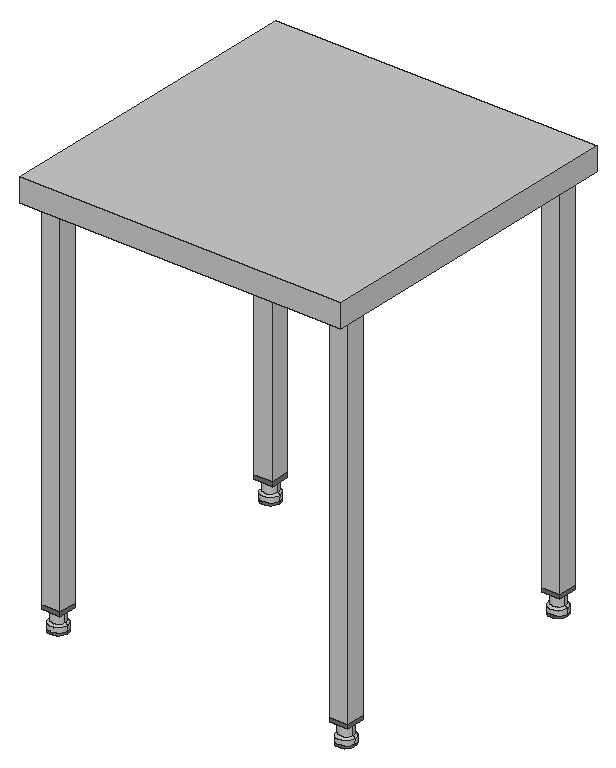
Revit family "QF_ELECTROLUXPROFESSIONAL_133216_TG700MBN", category Attrezzature speciali, Revit 2020
Family settings
  Quota connettore circolare = Usa diametro
  Tipo di parte = Normale
  Basato su piano di lavoro = No
  Sempre verticale = Sì
  Taglio con vuoti quando caricato = No
  Condiviso = No
  Punto di calcolo locali = No
Parameters (values of type "Standard")
  Weight = 26.00 kg
  Watts = 0 W
  Volts = 0 V
  URL Manufacturer = "https://www.electroluxprofessional.com/"
  URL = "https://www.electroluxprofessional.com/"
  Steam Supply Size = 0 mm
  Steam Supply Minimum Pressure = 0.0 Pa
  Steam Supply Maximum Pressure = 0.0 Pa
  Steam Consumption per Hour = 0
  Refrigeration Suction Line Size = 0.0 mm
  Refrigeration Liquid Line Size = 0.0 mm
  Refrigerant Compressor Remote = yes
  Prospetto di default = 0.0 mm
  Produttore = "Electrolux Professional"
  Phase = 0
  Modello = "TG700MBN"
  Length Actual = 700.0 mm  # constant formula
  Item Number = "133216"
  Hot Water Size = 0 mm
  Height Actual = 900.0 mm  # constant formula
  HP = "0 HP"
  Gas Size = 0 mm
  Gas KW = 0
  Gas Input Pressure = 0 W
  Direct Waste Size = 0 mm
  Descrizione = "WORK TABLE 700 MM"
  Depth Actual = 700.0 mm  # constant formula
  Cycle = 0 Hz
  Condensate Return Size = 0 mm
  Compressed Air Volume = 0.0 L/s
  Compressed Air Size = 0 mm
  Compressed Air Pressure = 0.0 Pa
  Cold Water Size = 0 mm
  Accessory = yes
Reference planes
  plane 1 "Center (Front/Back)": y = 0
  plane 2: z = 0
  plane 3 "Center (Left/Right)": x = 150
  plane 4 "LEFT": x = -200
  plane 5 "RIGHT": x = 500
  plane 6 "BACK": y = 350
  plane 7 "FRONT": y = -350
  plane 8 "Base": z = 850
  plane 9 "TOP": z = 900
  plane 10: x = -164.5
  plane 11: x = 464.5
  plane 12: y = 290
  plane 13: y = -290
Forms (mm)
  Extrusion 1, solid, material "QF_Finishes_Stainless Steel"
    sketch origin (150, 0, 0) x (0, 1, 0) y (0, 0, 1)
      loop
        line (-350, 850) -> (350, 850) -> (350, 900) -> (-350, 900) -> (-350, 850)
    from 350 to -350
Lines and regions (mm)
  symbolic lines
    curve 1: line (500, 350, 900) -> (-200, 350, 900)
    curve 2: line (-200, 350, 900) -> (-200, -350, 900)
    curve 3: line (-200, -350, 900) -> (500, -350, 900)
    curve 4: line (500, -350, 900) -> (500, 350, 900)
Dimensions and locks
  plane 4 "LEFT" to plane 5 "RIGHT" = 700.0 mm
  equal spacing: plane 4 "LEFT", plane 3 "Center (Left/Right)", plane 5 "RIGHT"
  plane 4 "LEFT" to plane 10 = 35.5 mm
  plane 11 to plane 5 "RIGHT" = 35.5 mm
  plane 10 to plane 11 = 629.0 mm
  locked: plane 9 "TOP" to level at 900
  plane 6 "BACK" to plane 12 = 60.0 mm
  plane 13 to plane 7 "FRONT" = 60.0 mm
  plane 6 "BACK" to plane 7 "FRONT" = 700.0 mm
  plane 12 to plane 13 = 580.0 mm
  equal spacing: plane 6 "BACK", plane 1 "Center (Front/Back)", plane 7 "FRONT"
  locked: plane 8 "Base" to level at 850
  aligned and locked: level to plane 2
  aligned and locked: plane 10 to nested 1
  aligned and locked: nested 1 to plane 13
  aligned and locked: plane 11 to nested 2
  aligned and locked: nested 2 to plane 13
  aligned and locked: plane 11 to nested 4
  aligned and locked: nested 4 to plane 12
  aligned and locked: plane 10 to nested 3
  aligned and locked: nested 3 to plane 12
  aligned and locked: Extrusion 1 to plane 4 "LEFT"
  aligned and locked: plane 5 "RIGHT" to Extrusion 1
  aligned and locked: curve 2 to plane 4 "LEFT"
Automatic sketch dimensions
  Extrusion 1 sketch curve to plane 7 "FRONT" = 0.0 mm
  Extrusion 1 sketch curve to plane 8 "Base" = 0.0 mm
  curve 3 to plane 7 "FRONT" = 0.0 mm
  curve 4 to plane 6 "BACK" = 0.0 mm
  Extrusion 1 sketch curve to plane 9 "TOP" = 0.0 mm
  Extrusion 1 sketch curve to plane 6 "BACK" = 0.0 mm
  curve 4 to plane 5 "RIGHT" = 0.0 mm
Nested families
  nested 1: "FEET_40x40_APP42" at (-164.5, -290, 0), type "FEET_40x40_APP42"
  nested 2: "FEET_40x40_APP42" at (464.5, -290, 0), type "FEET_40x40_APP42"
  nested 3: "FEET_40x40_APP42" at (-164.5, 290, 0), type "FEET_40x40_APP42"
  nested 4: "FEET_40x40_APP42" at (464.5, 290, 0), type "FEET_40x40_APP42"
Definition of nested family "FEET_40x40_APP42"
  Parameters
    Default Elevation = 0.0 mm
    FEET = 850.0 mm
  Reference planes
    plane 1 "Center (Front/Back)": y = 0
    plane 2: z = 0
    plane 3 "Center (Left/Right)": x = 0
    plane 4: z = 850
  Forms (mm)
    Extrusion 1, solid
      sketch origin (0, 0, 0) x (1, 0, 0) y (0, 1, 0)
        loop
          line (-20, -20) -> (20, -20) -> (20, 20) -> (-20, 20) -> (-20, -20)
      from 50 to 845
    Extrusion 2, solid
      sketch origin (0, 0, 0) x (1, 0, 0) y (0, 1, 0)
        loop
          circle (0, 0) r 20
      from 0 to 5
    Extrusion 3, solid
      sketch origin (0, 0, 0) x (1, 0, 0) y (0, 1, 0)
        loop
          line (30, 30) -> (-30, 30) -> (-30, -30) -> (30, -30) -> (30, 30)
      from 845 to 850
    Extrusion 4, solid
      sketch origin (0, 0, 0) x (1, 0, 0) y (0, 1, 0)
        loop
          line (-20, -20) -> (20, -20) -> (20, 20) -> (-20, 20) -> (-20, -20)
      from 50 to 42
    Revolve 5, solid
      sketch origin (0, 0, 0) x (1, 0, 0) y (0, 0, 1)
        loop
          line (0, 42) -> (-15, 42) -> (-15, 20) -> (-20, 15) -> (-20, 5) -> (0, 5) -> (0, 42)
        axis (0, 42) -> (0, 5)
      angle from 0 to 360
  Lines and regions (mm)
    symbolic lines
      curve 1: line (0, -1.503, 0) -> (0, 1.508, 0)
      curve 2: line (1.561, 0, 0) -> (-1.439, 0, 0)
  Dimensions and locks
    "FEET": plane 4 to plane 2
    aligned and locked: level to plane 2
  Automatic sketch dimensions
    plane 1 "Center (Front/Back)" to curve 2 = 0.0 mm
    curve 1 to plane 3 "Center (Left/Right)" = 0.0 mm
    curve 2 to plane 3 "Center (Left/Right)" = 1.439 mm
    plane 3 "Center (Left/Right)" to curve 2 = 1.561 mm
    plane 1 "Center (Front/Back)" to curve 1 = 1.503 mm
    curve 1 to plane 1 "Center (Front/Back)" = 1.508 mm
    Extrusion 1 sketch curve to plane 3 "Center (Left/Right)" = 20.0 mm
    plane 3 "Center (Left/Right)" to Extrusion 1 sketch curve = 20.0 mm
    plane 1 "Center (Front/Back)" to Extrusion 1 sketch curve = 20.0 mm
    Extrusion 1 sketch curve to plane 1 "Center (Front/Back)" = 20.0 mm
    plane 1 "Center (Front/Back)" to Extrusion 2 sketch curve = 0.0 mm
    Extrusion 2 sketch curve to plane 3 "Center (Left/Right)" = 0.0 mm
    Extrusion 3 sketch curve to plane 3 "Center (Left/Right)" = 30.0 mm
    plane 3 "Center (Left/Right)" to Extrusion 3 sketch curve = 30.0 mm
    plane 1 "Center (Front/Back)" to Extrusion 3 sketch curve = 30.0 mm
    Extrusion 3 sketch curve to plane 1 "Center (Front/Back)" = 30.0 mm
    Extrusion 4 sketch curve to plane 3 "Center (Left/Right)" = 20.0 mm
    plane 3 "Center (Left/Right)" to Extrusion 4 sketch curve = 20.0 mm
    plane 1 "Center (Front/Back)" to Extrusion 4 sketch curve = 20.0 mm
    Extrusion 4 sketch curve to plane 1 "Center (Front/Back)" = 20.0 mm
    Revolve 5 sketch curve to plane 3 "Center (Left/Right)" = 0.0 mm  (x2)
    Revolve 5 sketch curve to plane 3 "Center (Left/Right)" = 15.0 mm
    Revolve 5 sketch curve to Revolve 5 sketch curve = 5.0 mm  (x3)
    level to Revolve 5 sketch curve = 5.0 mm
    Revolve 5 sketch curve to Revolve 5 sketch curve = 10.0 mm
    Revolve 5 sketch curve to Revolve 5 sketch curve = 22.0 mm
    Revolve 5 sketch curve to level = 9.561 mm
    radius of Extrusion 2 sketch curve = 20.0 mm
